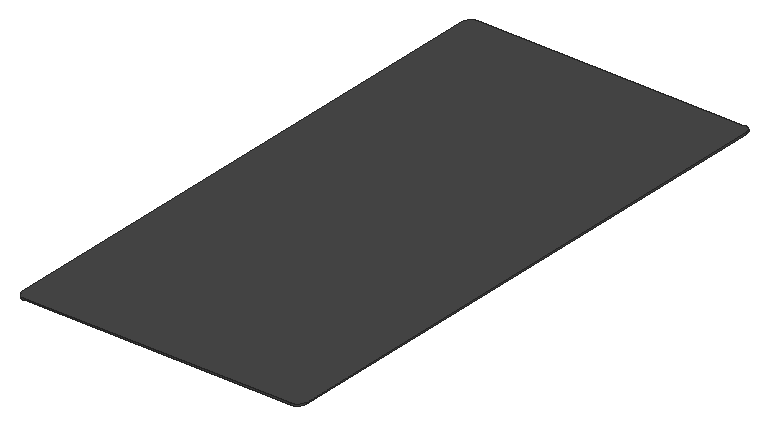
Revit family "Hand_Dryer-Excel_Dryer-Wall_Guard", category Specialty Equipment, host Face, Revit 2015
Parameters (values of type "89B")
  Youtube clip = ""
  Width = 1' - 4"  # constant formula
  Weight Net (Kg) = "0"
  Uniformat II Description = "Commercial Equipment"
  Uniformat II Code = "E1010"
  Uniclass 2015 Name = "Sanitary accessories"
  Uniclass 2015 Code = "Pr_40_20_76"
  Uniclass 2.0 Description = "Sanitary Accessories"
  Uniclass 2.0 Code = "PR-31-75"
  Uniclass 1.4 Description = "Sanitary equipment"
  Uniclass 1.4 Code = "L721"
  URL = "http://www.exceldryer.com/index.php"
  UNSPSC Code = "301815"
  Technical description = ""
  Region South America = "None"
  Region Oceania = "None"
  Region North America = "US"
  Region Middle East = "None"
  Region Europe = "None"
  Region Asia = "None"
  Region Antarctica = "None"
  Region Africa = "None"
  QR code = "http://bimobject.com/excel-dryer-us/product/excel_xlerator_wallguard"
  Product url = "http://www.exceldryer.com/products_xlerator.php#xlerator_accessories"
  Product group = "Hand dryer"
  Product family = "Equipment"
  Product data url = "https://bimobject.com/excel-dryer-us/product/excel_xlerator_wallguard"
  Product certification = ""
  Product SKU = "excel_xlerator_wallguard"
  Product Page URL = "http://www.exceldryer.com/products_xlerator.php#xlerator_accessories"
  Product Guid = "29c789c6-b5d6-4169-b2f0-1360146b7577"
  Product Documentation Link = "http://www.exceldryer.com/pdfs/2014/Excel2014WallGuards.pdf"
  OmniClass Description = "Hand Dryers"
  OmniClass Code = "23-31 25 15"
  Nominal width = 0' - 0"
  Nominal height = 0' - 0"
  NBS Reference Description = ""
  NBS Reference Code = ""
  Model = "Wall Guard Black"
  Material secondary = "Zink"
  Material main = "Zink"
  Material = ""
  Masterformat 2014 Description = "Commercial Toilet Accessories"
  Masterformat 2014 Code = "10 28 13.13"
  Manufacturer name = "Excel Dryer US"
  Manufacturer country = "United States"
  Manufacturer = "Excel Dryer"  # constant formula
  Installation instructions = ""
  IFC Classification = "Furnishing Element"
  Height = 2' - 8"  # constant formula
  Edition number = 1
  EAN code = ""
  Design country = "United States"
  Description = "Wall Guard"  # constant formula
  Depth = 0' - 0 1/16"  # constant formula
  Default Elevation = 1' - 5 9/16"
  Wall Guard Material = Plastic - Excel Dryer - Anti-Microbial - Black
  Date of publishing = "3/6/2017"
  COBIe Type Category = ""
  Brand url = ""
  BIMobject category = "Dryers (Hand & Hair)"
Types (3): name | Product Page URL | Model | Wall Guard Material
  89S | "http://www.exceldryer.com/specification_tools.php" | "Wall Guard Stainless" | Metal - Excel Dryer - Stainless Steel - Brushed
  89B | "http://www.exceldryer.com/products_xlerator.php#xlerator_accessories" | "Wall Guard Black" | Plastic - Excel Dryer - Anti-Microbial - Black
  89W | "http://www.exceldryer.com/specification_tools.php" | "Wall Guard White" | Plastic - Excel Dryer - Anti-Microbial - White
Reference planes (in)
  plane 1 "Center (Front/Back)": y = 0
  plane 2: z = 0
  plane 3 "Center (Left/Right)": x = 0
  plane 4 "Top": y = 16
  plane 5 "Bottom": y = -16
  plane 6 "Front": z = 0.0625
  plane 7 "Back": z = 0
  plane 8: x = -8
  plane 9: x = 8
  plane 10 "Bottom of Dryer": y = 17
  plane 11: y = 15
  plane 12: y = -15
  plane 13: x = -6.5
  plane 14: x = 6.5
  plane 15: x = -3
  plane 16: x = -1.75
  plane 17: x = 1.75
  plane 18: x = 3
  plane 19: x = -7.75
  plane 20: x = 7.75
Forms (in)
  Extrusion 1, solid, material "Plastic - Excel Dryer - Anti-Microbial - Black" <- "Wall Guard Material"
    sketch origin (0, 0, 0) x (1, 0, 0) y (0, 1, 0)
      loop
        arc (-7.5, 16) -> (-7.85355, 15.85355) -> (-8, 15.5) r 0.5
        line (-8, 15.5) -> (-8, -15.5)
        arc (-8, -15.5) -> (-7.85355, -15.85355) -> (-7.5, -16) r 0.5
        line (-7.5, -16) -> (7.5, -16)
        arc (7.5, -16) -> (7.85355, -15.85355) -> (8, -15.5) r 0.5
        line (8, -15.5) -> (8, 15.5)
        arc (8, 15.5) -> (7.85355, 15.85355) -> (7.5, 16) r 0.5
        line (7.5, 16) -> (-7.5, 16)
    from 0 to 0.0625
Lines and regions (in)
  Masking region 1
    outline origin (0, 0, 0) x (1, 0, 0) y (0, 0, 1)
      loop
        line (-8, 0.0625) -> (-8, 0) -> (8, 0) -> (8, 0.0625) -> (-8, 0.0625)
  model lines
    curve 1: line (-7.75, 15, 0) -> (-6.5, 15, 0)
    curve 2: line (-7.75, -15, 0) -> (-7.75, 15, 0)
    curve 3: line (-6.5, -15, 0) -> (-7.75, -15, 0)
    curve 4: line (-6.5, 15, 0) -> (-6.5, -15, 0)
    curve 5: line (-3, 15, 0) -> (-1.75, 15, 0)
    curve 6: line (-3, -15, 0) -> (-3, 15, 0)
    curve 7: line (-1.75, -15, 0) -> (-3, -15, 0)
    curve 8: line (-1.75, 15, 0) -> (-1.75, -15, 0)
    curve 9: line (1.75, 15, 0) -> (3, 15, 0)
    curve 10: line (1.75, -15, 0) -> (1.75, 15, 0)
    curve 11: line (3, -15, 0) -> (1.75, -15, 0)
    curve 12: line (3, 15, 0) -> (3, -15, 0)
    curve 13: line (6.5, 15, 0) -> (7.75, 15, 0)
    curve 14: line (6.5, -15, 0) -> (6.5, 15, 0)
    curve 15: line (7.75, -15, 0) -> (6.5, -15, 0)
    curve 16: line (7.75, 15, 0) -> (7.75, -15, 0)
Dimensions and locks (in)
  equal spacing: plane 5 "Bottom", plane 1 "Center (Front/Back)", plane 4 "Top"
  "Height": plane 5 "Bottom" to plane 4 "Top"
  equal spacing: plane 8, plane 3 "Center (Left/Right)", plane 9
  "Width": plane 8 to plane 9
  "Depth": plane 6 "Front" to plane 7 "Back"
  locked: plane 10 "Bottom of Dryer" to plane 4 "Top" at 1
  locked: plane 5 "Bottom" to plane 12 at 1
  locked: plane 4 "Top" to plane 11 at 1
  locked: plane 8 to plane 13 at 1.5
  locked: plane 14 to plane 9 at 1.5
  locked: plane 16 to plane 17 at 3.5
  locked: plane 13 to plane 15 at 3.5
  locked: plane 15 to plane 16 at 1.25
  locked: plane 18 to plane 14 at 3.5
  Extrusion 1 sketch curve to Extrusion 1 sketch curve to plane 9 = 0' - 0" locked, 0' - 0 1/2" locked
  plane 8 to Extrusion 1 sketch curve to Extrusion 1 sketch curve = 0' - 0 1/2" locked, 0' - 0" locked
  plane 5 "Bottom" to Extrusion 1 sketch curve to Extrusion 1 sketch curve = 0' - 0 1/2" locked, 0' - 0" locked
  locked: plane 20 to plane 9 at 0.25
  locked: plane 8 to plane 19 at 0.25
  plane 4 "Top" to Extrusion 1 sketch curve to Extrusion 1 sketch curve = 0' - 0 1/2" locked, 0' - 0" locked
  aligned and locked: plane 2 to host face
  aligned and locked: level to host face
  aligned and locked: plane 2 to plane 7 "Back"
  aligned and locked: plane 8 to Extrusion 1 sketch curve
  aligned and locked: Extrusion 1 sketch curve to plane 5 "Bottom"
  aligned and locked: Extrusion 1 sketch curve to plane 9
  aligned and locked: Extrusion 1 to plane 7 "Back"
  aligned and locked: plane 6 "Front" to Extrusion 1
  aligned and locked: Extrusion 1 sketch curve to plane 4 "Top"
Automatic sketch dimensions
  host sketch curve to host sketch curve = 8' - 0"  (x2)
  plane 12 to curve 3 = 0' - 0"
  curve 3 to plane 19 = 0' - 0"
  curve 3 to plane 13 = 0' - 0"
  curve 5 to plane 4 "Top" = 0' - 1"
  curve 5 to plane 15 = 0' - 0"
  curve 5 to plane 16 = 0' - 0"
  curve 9 to plane 4 "Top" = 0' - 1"
  curve 9 to plane 17 = 0' - 0"
  curve 9 to plane 18 = 0' - 0"
  curve 13 to plane 4 "Top" = 0' - 1"
  curve 13 to plane 14 = 0' - 0"
  curve 13 to plane 20 = 0' - 0"
  plane 12 to curve 16 = 0' - 0"
  plane 12 to curve 12 = 0' - 0"
  plane 12 to curve 6 = 0' - 0"
  curve 4 to plane 4 "Top" = 0' - 1"
  Masking region 1 sketch curve to level = 0' - 0"
  Masking region 1 sketch curve to plane 8 = 0' - 0"
  Masking region 1 sketch curve to plane 9 = 0' - 0"
  Masking region 1 sketch curve to plane 6 "Front" = 0' - 0"
